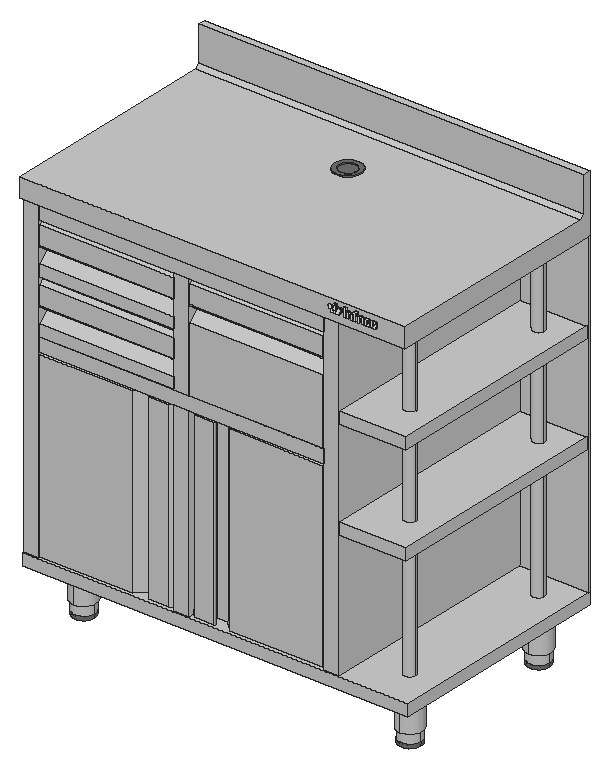
Revit family "QF_INFRICO_MCAF1000CI_250818091634", category Specialty Equipment, Revit 2021
Family settings
  Round Connector Dimension = Use Diameter
  Part Type = Normal
  OmniClass Number = 23.40.40.14
  OmniClass Title = Food Service Equipment
  Work Plane-Based = No
  Always vertical = Yes
  Cut with Voids When Loaded = No
  Shared = No
  Room Calculation Point = No
Parameters (values of type "MCAF1000CI")
  Weight [instance] = 59.00 kg
  Warranty Start Date [instance] = ""
  Warranty Duration [instance] = ""
  URL Recommended Spares List [instance] = ""
  URL Manufacturer [instance] = ""
  URL Cutsheet [instance] = ""
  URL Critical Spares List [instance] = ""
  URL = "www.infrico.com"
  Technical Documentation [instance] = ""
  Tag Number [instance] = ""
  Status [instance] = ""
  Specification by User [instance] = ""
  Specification by Manufacturer [instance] = ""
  Sound Level [instance] = ""
  Show Logo [instance] = yes
  Show Clearances [instance] = yes
  Service Life Duration [instance] = ""
  Serial Number [instance] = ""
  Seismic Rating [instance] = ""
  SMACNA No [instance] = ""
  Revision Code [instance] = ""
  Revision [instance] = ""
  Production Year [instance] = ""
  Point Load [instance] = 0
  Other Equipment Approvals [instance] = ""
  NAFEM Spec ID Number [instance] = ""
  Model Warning [instance] = ""
  Model = "MCAF1000CI"
  Masterspec [instance] = ""
  Manufacturer = "INFRICO"
  Length Actual [instance] = 1000 mm
  Item Number [instance] = ""
  Installed By [instance] = ""
  Installation Date [instance] = ""
  Identify Quantity as Lot [instance] = no
  ID [instance] = ""
  Hygiene Approval [instance] = ""
  Height Actual [instance] = 1050 mm
  Furnished By [instance] = ""
  Foodservice Equipment Identifier [instance] = no
  ETL Approved [instance] = no
  Description = "COFFEE UNIT - MCAF SERIES"
  Depth Actual [instance] = 600 mm
  Default Elevation = 0 mm
  Cost = 0
  CSI MasterFormat [instance] = ""
  CE Approved [instance] = no
  Barcode [instance] = 0
  Author [instance] = ""
  Asset Identifier [instance] = ""
  Accessory [instance] = no
Reference planes
  plane 1 "Center (Front/Back)": y = 0
  plane 2: z = 0
  plane 3 "Center (Left/Right)": x = 0
Dimensions and locks
  aligned and locked: level to plane 2
Nested families
  nested 1: "QF_INFRICO_MCAF1000CI_2920" at (0, 0, 0), type "MCAF1000CI"
    with Weight 59.00 kg, Warranty Start Date "", Warranty Duration "", URL Cutsheet "", Technical Documentation "", Tag Number "", Status "", Specification by User "", Specification by Manufacturer "", Sound Level "", Solid Fuel Type "", Show Logo yes, Show Clearances yes, Show Clearance yes, Service Life Duration "", Serial Number "", Seismic Rating "", SMACNA No "", Revision Code "", Revision "", Production Year "", Point Load 0, Other Equipment Approvals "", NAFEM Spec ID Number "", Model Warning "", Masterspec "", Length Actual 1000 mm, Item Number "", Installed By "", Installation Date "", Identify Quantity as Lot yes, ID "", Hygiene Approval "", Height Actual 1050 mm, Furnished By "", Foodservice Equipment Identifier yes, ETL Approved yes, Depth Actual 600 mm, CSI MasterFormat "", CE Approved no, Barcode "", Author "", Asset Identifier "", Accessory no
  nested 2: "QF_INFRICO_WORKTOP_MCAF_3963" at (0, 0, 990), type "ENC12CPMC10"
    with Weight 0.00 kg, Warranty Start Date "", Warranty Duration "", URL Cutsheet "", Technical Documentation "", Tag Number "", Status "", Specification by User "", Specification by Manufacturer "", Sound Level "", Solid Fuel Type "", Show Logo yes, Show Clearances yes, Show Clearance yes, Service Life Duration "", Serial Number "", Seismic Rating "", SMACNA No "", Revision Code "", Revision "", Production Year "", Point Load 0, Other Equipment Approvals "", NAFEM Spec ID Number "", Model Warning "", Masterspec "", Length Actual 1000 mm, Item Number "", Installed By "", Installation Date "", Identify Quantity as Lot yes, ID "", Hygiene Approval "", Height Actual 150 mm, Furnished By "", Foodservice Equipment Identifier yes, ETL Approved yes, Depth Actual 600 mm, CSI MasterFormat "", CE Approved no, Barcode "", Author "", Asset Identifier "", Accessory yes
Definition of nested family "QF_INFRICO_MCAF1000CI_2920"
  Parameters (values of type "MCAF1000CI")
    Weight [instance] = 0.00 kg
    Warranty Start Date [instance] = ""
    Warranty Duration [instance] = ""
    URL Cutsheet [instance] = ""
    URL = "www.infrico.com"
    Technical Documentation [instance] = ""
    Tag Number [instance] = ""
    Status [instance] = ""
    Specification by User [instance] = ""
    Specification by Manufacturer [instance] = ""
    Sound Level [instance] = ""
    Solid Fuel Type [instance] = ""
    Show Logo [instance] = yes
    Show Clearances [instance] = yes
    Show Clearance [instance] = yes
    Service Life Duration [instance] = ""
    Serial Number [instance] = ""
    Seismic Rating [instance] = ""
    SMACNA No [instance] = ""
    Revision Code [instance] = ""
    Revision [instance] = ""
    Production Year [instance] = ""
    Point Load [instance] = 0
    Other Equipment Approvals [instance] = ""
    NAFEM Spec ID Number [instance] = ""
    Model Warning [instance] = ""
    Model = "MCAF1000CI"
    Masterspec [instance] = ""
    Manufacturer = "INFRICO"
    Length Actual [instance] = 0 mm
    Item Number [instance] = ""
    Installed By [instance] = ""
    Installation Date [instance] = ""
    Identify Quantity as Lot [instance] = yes
    ID [instance] = ""
    Hygiene Approval [instance] = ""
    Height Actual [instance] = 0 mm
    Furnished By [instance] = ""
    Foodservice Equipment Identifier [instance] = yes
    ETL Approved [instance] = yes
    Description = "COFFEE UNIT - MCAF SERIES"
    Depth Actual [instance] = 0 mm
    Default Elevation = 0 mm
    CSI MasterFormat [instance] = ""
    CE Approved [instance] = yes
    Barcode [instance] = ""
    Author [instance] = ""
    Asset Identifier [instance] = ""
    Assembly Code = "E1090320"
    Accessory [instance] = yes
  Reference planes
    plane 1 "Back": y = 0
    plane 2: z = 0
    plane 3 "Left": x = 0
    plane 4 "Right": x = 1000
    plane 5 "Front": y = -600
    plane 6 "Top": z = 990
  Forms (mm)
    Extrusion 1, solid
      sketch origin (-2000, 0, 130) x (0, 1, 0) y (0, 0, 1)
        loop
          line (0, 0) -> (0, 30) -> (-590.42, 30) -> (-590.42, 0) -> (0, 0)
      from 2000 to 3000
    Extrusion 2, solid
      sketch origin (-1122.078, 406.333, 162.208) x (1, 0, 0) y (0, 1, 0)
        loop
          circle (2046.064, -477.342) r 15
      from -2.208 to 827.792
    Extrusion 3, solid
      sketch origin (-1122.078, -11.667, 162.208) x (1, 0, 0) y (0, 1, 0)
        loop
          circle (2046.064, -477.342) r 15
      from -2.208 to 827.792
    Extrusion 4, solid
      sketch origin (-1184.953, 0, 489.98) x (0, 1, 0) y (0, 0, 1)
        loop
          line (-1.18, 0) -> (-1.18, 30) -> (-590.42, 30) -> (-590.42, 0) -> (-1.18, 0)
      from 2004.977 to 2179.997
    Extrusion 5, solid
      sketch origin (-1184.953, 0, 747.98) x (0, 1, 0) y (0, 0, 1)
        loop
          line (-1.18, 0) -> (-1.18, 30) -> (-590.42, 30) -> (-590.42, 0) -> (-1.18, 0)
      from 2004.977 to 2179.997
    Extrusion 6, solid
      sketch origin (-4345.421, -1791.354, 306.976) x (0, 1, 0) y (0, 0, 1)
        loop
          line (1203.342, 629.226) -> (1203.342, 580.183)
          arc (1203.342, 580.183) -> (1205.032, 578.387) -> (1206.928, 579.964) r 1.8
          line (1206.928, 579.964) -> (1210.228, 606.836) -> (1214.91, 606.836) -> (1229.152, 592.594) -> (1229.152, 564.227) -> (1203.342, 538.417) -> (1203.342, 369.015) -> (1241.352, 369.015) -> (1241.352, 639.019) -> (1213.135, 639.019) -> (1203.342, 629.226)
      from 4776.423 to 5123.423
    Extrusion 7, solid
      sketch origin (-4733.821, -1791.354, 306.976) x (0, 1, 0) y (0, 0, 1)
        loop
          line (1203.342, 489.209) -> (1203.342, 440.167)
          arc (1203.342, 440.167) -> (1205.032, 438.37) -> (1206.928, 439.947) r 1.8
          line (1206.928, 439.947) -> (1210.228, 466.819) -> (1214.927, 466.819) -> (1229.152, 452.594) -> (1229.152, 424.21) -> (1203.342, 398.4) -> (1203.342, 369.015) -> (1241.352, 369.015) -> (1241.352, 499.019) -> (1213.152, 499.019) -> (1203.342, 489.209)
        loop
          line (1203.342, 629.226) -> (1203.342, 580.167)
          arc (1203.342, 580.167) -> (1205.032, 578.37) -> (1206.928, 579.947) r 1.8
          line (1206.928, 579.947) -> (1210.228, 606.819) -> (1214.927, 606.819) -> (1229.152, 592.594) -> (1229.152, 564.21) -> (1203.342, 538.4) -> (1203.342, 509.015) -> (1241.352, 509.015) -> (1241.352, 639.019) -> (1213.135, 639.019) -> (1203.342, 629.226)
      from 4775.843 to 5122.843
    Extrusion 8, solid
      sketch origin (-323.501, 0.1, 129.6) x (1, 0, 0) y (0, 1, 0)
        loop
          line (713.523, -550.102) -> (713.523, -588.112) -> (753.503, -588.112) -> (753.503, -550.102) -> (741.503, -550.102) -> (741.503, -576.302) -> (725.523, -576.302) -> (725.523, -550.102) -> (713.523, -550.102)
      from 545.391 to 817.395
    Extrusion 9, solid
      sketch origin (-323.501, 0.1, 129.6) x (1, 0, 0) y (0, 0, 1)
        loop
          line (363.501, 545.391) -> (363.501, 510.391) -> (1103.525, 510.391) -> (1103.525, 545.391) -> (363.501, 545.391)
      from 550.102 to 588.112
    Extrusion 10, solid
      sketch origin (-323.501, 0.1, 436.604) x (1, 0, 0) y (0, 0, 1)
        loop
          line (363.501, 550.391) -> (363.501, 510.391) -> (1103.525, 510.391) -> (1103.525, 550.391) -> (363.501, 550.391)
      from 550.102 to 588.112
    Extrusion 11, solid
      sketch origin (0, 0, 130) x (0, 1, 0) y (0, 0, 1)
        loop
          line (-588.012, 30) -> (0, 30) -> (0, 860) -> (-588.012, 860) -> (-588.012, 30)
      from 0 to 40
    Extrusion 12, solid
      sketch origin (780.024, 0, 130) x (0, 1, 0) y (0, 0, 1)
        loop
          line (-588.012, 30) -> (0, 30) -> (0, 860) -> (-588.012, 860) -> (-588.012, 30)
      from 0 to 40
    Extrusion 13, solid
      sketch origin (40.024, 0, 130) x (0, 1, 0) y (0, 0, 1)
        loop
          line (0, 30) -> (0, 130) -> (-2, 130) -> (-2, 30) -> (0, 30)
      from -0.024 to 740
    Extrusion 14, solid
      sketch origin (820.498, 0, 130) x (0, 1, 0) y (0, 0, 1)
        loop
          line (0, 30) -> (0, 860) -> (-2, 860) -> (-2, 30) -> (0, 30)
      from -0.474 to 179.502
    Extrusion 15, solid
      sketch origin (-324.001, 0, 129.6) x (0, 1, 0) y (0, 0, 1)
        loop
          line (-2, 545.391) -> (0, 545.391) -> (0, 860.4) -> (-2, 860.4) -> (-2, 545.391)
      from 364.001 to 1104.025
    Extrusion 16, solid
      sketch origin (683.986, 92, 130) x (0, 1, 0) y (-1, 0, 0)
        loop
          line (-530, -194.986) -> (-630, -194.986) -> (-630, -284.986) -> (-530, -284.986) -> (-530, -194.986)
      from 0 to -3
    Extrusion 17, solid
      sketch origin (683.986, 92, 0) x (1, 0, 0) y (0, 1, 0)
        loop
          circle (239.986, -580) r 28
      from 9 to 35
    Extrusion 18, solid
      sketch origin (683.986, 92, 0) x (1, 0, 0) y (0, 1, 0)
        loop
          circle (239.986, -580) r 28.5
      from 0 to 9
    Sweep 19, solid
      path origin (1123.986, 92, 0) x (0, -1, 0) y (0, 0, 1)
        loop
          line (580, 35) -> (580, 127)
      profile origin (1123.986, -488, 81) x (0, 1, 0) y (-1, 0, 0)
        loop
          circle (0, 199.986) r 32
    Extrusion 20, solid
      sketch origin (683.986, 510, 130) x (0, 1, 0) y (-1, 0, 0)
        loop
          line (-530, -194.986) -> (-630, -194.986) -> (-630, -284.986) -> (-530, -284.986) -> (-530, -194.986)
      from 0 to -3
    Extrusion 21, solid
      sketch origin (683.986, 510, 0) x (1, 0, 0) y (0, 1, 0)
        loop
          circle (239.986, -580) r 28
      from 9 to 35
    Extrusion 22, solid
      sketch origin (683.986, 510, 0) x (1, 0, 0) y (0, 1, 0)
        loop
          circle (239.986, -580) r 28.5
      from 0 to 9
    Sweep 23, solid
      path origin (1123.986, 10, 0) x (0, -1, 0) y (0, 0, 1)
        loop
          line (80, 35) -> (80, 127)
      profile origin (1123.986, -70, 81) x (0, 1, 0) y (-1, 0, 0)
        loop
          circle (0, 199.986) r 32
    Extrusion 24, solid
      sketch origin (-123.986, 92, 130) x (0, 1, 0) y (-1, 0, 0)
        loop
          line (-530, -154.986) -> (-630, -154.986) -> (-630, -244.986) -> (-530, -244.986) -> (-530, -154.986)
      from 0 to -3
    Extrusion 25, solid
      sketch origin (-123.986, 92, 0) x (1, 0, 0) y (0, 1, 0)
        loop
          circle (199.986, -580) r 28
      from 9 to 35
    Extrusion 26, solid
      sketch origin (-123.986, 92, 0) x (1, 0, 0) y (0, 1, 0)
        loop
          circle (199.986, -580) r 28.5
      from 0 to 9
    Sweep 27, solid
      path origin (-123.986, 92, 0) x (0, 1, 0) y (0, 0, 1)
        loop
          line (-580, 35) -> (-580, 127)
      profile origin (-123.986, -488, 81) x (0, -1, 0) y (1, 0, 0)
        loop
          circle (0, 199.986) r 32
    Extrusion 28, solid
      sketch origin (-123.986, 510, 130) x (0, 1, 0) y (-1, 0, 0)
        loop
          line (-530, -154.986) -> (-630, -154.986) -> (-630, -244.986) -> (-530, -244.986) -> (-530, -154.986)
      from 0 to -3
    Extrusion 29, solid
      sketch origin (-123.986, 510, 0) x (1, 0, 0) y (0, 1, 0)
        loop
          circle (199.986, -580) r 28
      from 9 to 35
    Extrusion 30, solid
      sketch origin (-123.986, 510, 0) x (1, 0, 0) y (0, 1, 0)
        loop
          circle (199.986, -580) r 28.5
      from 0 to 9
    Sweep 31, solid
      path origin (-123.986, 510, 0) x (0, 1, 0) y (0, 0, 1)
        loop
          line (-580, 35) -> (-580, 127)
      profile origin (-123.986, -70, 81) x (0, -1, 0) y (1, 0, 0)
        loop
          circle (0, 199.986) r 32
    Extrusion 32, solid
      sketch origin (-323.501, 0.1, -177.004) x (1, 0, 0) y (0, 1, 0)
        loop
          line (713.523, -550.102) -> (713.523, -588.112) -> (753.503, -588.112) -> (753.503, -550.102) -> (741.503, -550.102) -> (741.503, -576.302) -> (725.523, -576.302) -> (725.523, -550.102) -> (713.523, -550.102)
      from 337.004 to 816.995
    Extrusion 33, solid
      sketch origin (-2324.001, -1999.892, 129.3) x (1, 0, 0) y (0, 1, 0)
        loop
          line (2649.583, 1411.88) -> (2700.005, 1411.88) -> (2710.015, 1421.89) -> (2710.015, 1449.89) -> (2367.015, 1449.89) -> (2367.015, 1411.88) -> (2608.712, 1411.88) -> (2634.927, 1438.094) -> (2663.311, 1438.094) -> (2677.536, 1423.869) -> (2677.536, 1419.171) -> (2649.117, 1415.681)
          arc (2649.117, 1415.681) -> (2647.668, 1413.574) -> (2649.583, 1411.88) r 1.929
      from 35.663 to 505.683
    Extrusion 34, solid
      sketch origin (3144.025, -1999.892, 129.3) x (-1, 0, 0) y (0, -1, 0)
        loop
          arc (2649.583, -1411.88) -> (2647.668, -1413.574) -> (2649.117, -1415.681) r 1.929
          line (2649.117, -1415.681) -> (2677.536, -1419.171) -> (2677.536, -1423.869) -> (2663.311, -1438.094) -> (2634.927, -1438.094) -> (2608.712, -1411.88) -> (2367.015, -1411.88) -> (2367.015, -1449.89) -> (2710.015, -1449.89) -> (2710.015, -1421.89) -> (2700.005, -1411.88) -> (2649.583, -1411.88)
      from 35.663 to 505.683
    Extrusion 35, solid, detail levels coarse
      sketch origin (-324.001, 0.1, -0.7) x (1, 0, 0) y (0, 1, 0)
        loop
          line (367.015, -588.112) -> (367.015, -893.112) -> (405.015, -893.112)
          arc (405.015, -893.112) -> (620.683, -803.78) -> (710.015, -588.112) r 305
          line (710.015, -588.112) -> (367.015, -588.112)
      from 165.663 to 635.683
    Extrusion 36, solid, detail levels coarse
      sketch origin (1144.025, 0.1, -0.7) x (-1, 0, 0) y (0, -1, 0)
        loop
          line (367.015, 588.112) -> (710.015, 588.112)
          arc (710.015, 588.112) -> (620.683, 803.78) -> (405.015, 893.112) r 305
          line (405.015, 893.112) -> (367.015, 893.112) -> (367.015, 588.112)
      from 165.663 to 635.683
  Lines and regions (mm)
    symbolic lines
      curve 1: line (0, 0, 0) -> (0, -600, 0)
      curve 2: line (0, -600, 0) -> (1000, -600, 0)
      curve 3: line (1000, -600, 0) -> (1000, 0, 0)
      curve 4: line (1000, 0, 0) -> (0, 0, 0)
      curve 5: line (43.014, -600, 0) -> (43.014, -893.012, 0)
      curve 6: arc (81.014, -893.012, 0) -> (292.401, -807.877, 0) -> (385.779, -600, 0) r 305
      curve 7: line (43.014, -893.012, 0) -> (81.014, -893.012, 0)
      curve 8: line (739.01, -893.012, 0) -> (777.01, -893.012, 0)
      curve 9: arc (434.245, -600, 0) -> (527.623, -807.877, 0) -> (739.01, -893.012, 0) r 305
      curve 10: line (777.01, -893.012, 0) -> (777.01, -600, 0)
  Dimensions and locks
    plane 3 "Left" to plane 4 "Right" = 1000 mm
    plane 1 "Back" to plane 5 "Front" = 600 mm  (x2)
    plane 4 "Right" to plane 3 "Left" = 1000 mm
    plane 6 "Top" to level = 990 mm  (x2)
    aligned and locked: level to plane 2
Definition of nested family "QF_INFRICO_WORKTOP_MCAF_3963"
  Parameters (values of type "ENC12CPMC25")
    Weight [instance] = 0.00 kg
    Warranty Start Date [instance] = ""
    Warranty Duration [instance] = ""
    URL Cutsheet [instance] = ""
    URL = "www.infrico.com"
    Technical Documentation [instance] = ""
    Tag Number [instance] = ""
    Status [instance] = ""
    Specification by User [instance] = ""
    Specification by Manufacturer [instance] = ""
    Sound Level [instance] = ""
    Solid Fuel Type [instance] = ""
    Show Logo [instance] = yes
    Show Clearances [instance] = yes
    Show Clearance [instance] = yes
    Service Life Duration [instance] = ""
    Serial Number [instance] = ""
    Seismic Rating [instance] = ""
    SMACNA No [instance] = ""
    Revision Code [instance] = ""
    Revision [instance] = ""
    Production Year [instance] = ""
    Point Load [instance] = 0
    Other Equipment Approvals [instance] = ""
    NAFEM Spec ID Number [instance] = ""
    Model Warning [instance] = ""
    Model = "ENC12CPMC25"
    Masterspec [instance] = ""
    Manufacturer = "INFRICO"
    Length Actual [instance] = 0 mm
    Length = 2452 mm
    Item Number [instance] = ""
    Installed By [instance] = ""
    Installation Date [instance] = ""
    Identify Quantity as Lot [instance] = yes
    ID [instance] = ""
    Hygiene Approval [instance] = ""
    Height Actual [instance] = 0 mm
    Furnished By [instance] = ""
    Foodservice Equipment Identifier [instance] = yes
    ETL Approved [instance] = yes
    Description = "WORKTOP WITH BACKSPLASH"
    Depth Actual [instance] = 0 mm
    Depth = 600 mm
    Default Elevation = 0 mm
    CSI MasterFormat [instance] = ""
    CE Approved [instance] = yes
    Barcode [instance] = ""
    Author [instance] = ""
    Asset Identifier [instance] = ""
    Assembly Code = "E1090320"
    Accessory [instance] = yes
  Types (5, lengths in mm): name | Model | Length
    ENC12CPMC8 | "ENC12CPMC8" | 820
    ENC12CPMC10 | "ENC12CPMC10" | 1000
    ENC12CPMC15 | "ENC12CPMC15" | 1468
    ENC12CPMC20 | "ENC12CPMC20" | 1960
    ENC12CPMC25 | "ENC12CPMC25" | 2452
  Reference planes
    plane 1 "Back": y = 0
    plane 2: z = 0
    plane 3 "Left": x = 0
    plane 4 "Right": x = 2452
    plane 5 "Front": y = -600
    plane 6 "Top": z = 150
    plane 7 "Center": x = 1226
    plane 8: z = 50
  Forms (mm)
    Extrusion 1, solid
      sketch origin (0, 0, 0) x (0, 1, 0) y (0, 0, 1)
        loop
          line (0, 0) -> (0, 150) -> (-20, 150) -> (-20, 60) -> (-30, 50) -> (-600, 50) -> (-600, 0) -> (0, 0)
      from 0 to 2452
    Extrusion 2, solid
      sketch origin (0, 0, 50) x (1, 0, 0) y (0, 1, 0)
        loop
          circle (1226, -160) r 34
        loop
          circle (1226, -160) r 23
      from 0 to 2
    Extrusion 3, solid
      sketch origin (0, 0, 48.5) x (1, 0, 0) y (0, 1, 0)
        loop
          circle (1226, -160) r 23
      from 0 to 2
  Lines and regions (mm)
    symbolic lines
      curve 1: line (2452, 0, 0) -> (0, 0, 0)
      curve 2: line (0, 0, 0) -> (0, -600, 0)
      curve 3: line (0, -600, 0) -> (2452, -600, 0)
      curve 4: line (2452, -600, 0) -> (2452, 0, 0)
      curve 5: line (0, -20, 0) -> (2452, -20, 0)
      curve 6: circle (1226, -160, 0) r 34 normal (0, 0, 1)
      curve 7: circle (1226, -160, 0) r 23 normal (0, 0, -1)
  Dimensions and locks
    plane 6 "Top" to level = 150 mm
    plane 1 "Back" to plane 5 "Front" = 600 mm
    equal spacing: plane 3 "Left", plane 7 "Center", plane 4 "Right"
    "Length": plane 3 "Left" to plane 4 "Right"
    "Depth": plane 5 "Front" to plane 1 "Back"
    locked: plane 8 to plane 2 at 50
    locked: nested 1 to plane 4 "Right" at 143.718
    aligned and locked: level to plane 2
    aligned and locked: Extrusion 1 to plane 4 "Right"
    aligned and locked: nested 1 to plane 2
    aligned and locked: nested 1 to plane 5 "Front"
  Automatic sketch dimensions
    curve 6 to curve 7 = 0 mm  (x2)
    plane 1 "Back" to curve 1 = 0 mm
    curve 1 to plane 3 "Left" = 0 mm
    curve 6 to plane 7 "Center" = 0 mm
    curve 4 to plane 4 "Right" = 0 mm
    curve 3 to plane 5 "Front" = 0 mm
    plane 1 "Back" to curve 7 = 160 mm
    plane 1 "Back" to curve 5 = 20 mm
    Extrusion 1 sketch curve to level = 0 mm
    Extrusion 1 sketch curve to plane 5 "Front" = 0 mm
    Extrusion 1 sketch curve to plane 6 "Top" = 0 mm
    Extrusion 1 sketch curve to plane 1 "Back" = 0 mm
    plane 1 "Back" to Extrusion 1 sketch curve = 30 mm
    Extrusion 1 sketch curve to Extrusion 1 sketch curve = 10 mm  (x2)
    level to Extrusion 1 sketch curve = 50 mm
    Extrusion 2 sketch curve to Extrusion 2 sketch curve = 0 mm  (x2)
    Extrusion 2 sketch curve to plane 7 "Center" = 0 mm
    plane 1 "Back" to Extrusion 2 sketch curve = 160 mm
    Extrusion 3 sketch curve to plane 7 "Center" = 0 mm
    plane 1 "Back" to Extrusion 3 sketch curve = 160 mm
    radius of curve 6 = 34 mm
    radius of curve 7 = 23 mm
    radius of Extrusion 2 sketch curve = 34 mm
    radius of Extrusion 2 sketch curve = 23 mm
    radius of Extrusion 3 sketch curve = 23 mm
  Nested families
    nested 1: "Infrico_Logo" at (2308.282, -600, 0), type "Infrico_Logo"
      with Show Logo yes
  Definition of nested family "Infrico_Logo"
    Parameters
      Show Logo [instance] = yes
      Default Elevation = 0 mm
    Reference planes
      plane 1 "Center (Front/Back)": y = 0
      plane 2: z = 0
      plane 3 "Center (Left/Right)": x = 0
    Forms (mm)
      Extrusion 1, solid, visible <- "Show Logo"
        sketch origin (0, 0, 0) x (1, 0, 0) y (0, 0, 1)
          loop
            line (-7.673, 19.987) -> (-7.673, 42.661) -> (-12.299, 42.661) -> (-12.299, 19.987) -> (-7.673, 19.987)
          loop
            line (-1.693, 36.463) -> (-5.189, 36.463) -> (-5.189, 19.987) -> (-0.7, 19.987) -> (-0.7, 31.289)
            arc (-0.7, 31.289) -> (1.056, 32.199) -> (2.945, 32.781) r 11.052
            arc (2.945, 32.781) -> (4.457, 32.418) -> (5.126, 31.015) r 1.806
            line (5.126, 31.015) -> (5.126, 19.987) -> (9.649, 19.987) -> (9.649, 32.146)
            arc (9.649, 32.146) -> (8.165, 35.533) -> (4.669, 36.738) r 4.607
            arc (4.669, 36.738) -> (1.81, 36.131) -> (-0.803, 34.819) r 11.435
            line (-0.803, 34.819) -> (-0.871, 35.641)
            arc (-0.871, 35.641) -> (-1.112, 36.223) -> (-1.693, 36.463) r 0.822
          loop
            line (22.085, 43.56) -> (20.834, 43.56)
            arc (20.834, 43.56) -> (18.58, 43.383) -> (16.409, 42.754) r 11.103
            arc (16.409, 42.754) -> (14.333, 41.074) -> (13.552, 38.519) r 4.567
            line (13.552, 38.519) -> (13.552, 36.366) -> (10.879, 36.16) -> (10.879, 32.831) -> (13.552, 32.831) -> (13.552, 19.987) -> (18.076, 19.987) -> (18.076, 32.831) -> (21.777, 32.831) -> (21.777, 36.395) -> (18.076, 36.395) -> (18.076, 38.005)
            arc (18.076, 38.005) -> (18.484, 39.163) -> (19.573, 39.728) r 1.67
            line (19.573, 39.728) -> (21.228, 39.856)
            arc (21.228, 39.856) -> (21.834, 40.107) -> (22.085, 40.713) r 0.857
            line (22.085, 40.713) -> (22.085, 43.56)
          loop
            line (23.007, 36.463) -> (23.007, 19.987) -> (27.496, 19.987) -> (27.496, 30.809)
            arc (27.496, 30.809) -> (29.401, 32.088) -> (31.605, 32.725) r 7.435
            line (31.605, 32.725) -> (32.769, 32.873)
            arc (32.769, 32.873) -> (33.171, 33.216) -> (33.321, 33.722) r 0.928
            line (33.321, 33.722) -> (33.321, 35.915)
            arc (33.321, 35.915) -> (33.059, 36.518) -> (32.44, 36.737) r 0.824
            arc (32.44, 36.737) -> (29.725, 36.045) -> (27.427, 34.442) r 7.833
            line (27.427, 34.442) -> (27.254, 36.463) -> (23.007, 36.463)
          loop
            line (39.023, 19.987) -> (39.023, 36.463) -> (34.534, 36.463) -> (34.534, 19.987) -> (39.023, 19.987)
          loop
            arc (40.949, 24.784) -> (42.095, 21.645) -> (44.994, 19.982) r 4.873
            arc (44.994, 19.982) -> (48.021, 19.723) -> (51.049, 19.982) r 17.816
            arc (51.049, 19.982) -> (54.103, 22.591) -> (55.033, 26.498) r 6.481
            line (55.033, 26.498) -> (50.715, 26.498) -> (50.715, 25.127)
            arc (50.715, 25.127) -> (50.168, 23.91) -> (48.97, 23.322) r 1.965
            arc (48.97, 23.322) -> (48.076, 23.273) -> (47.181, 23.322) r 8.196
            arc (47.181, 23.322) -> (45.945, 23.873) -> (45.438, 25.127) r 1.806
            line (45.438, 25.127) -> (45.438, 31.358)
            arc (45.438, 31.358) -> (45.945, 32.612) -> (47.181, 33.163) r 1.806
            arc (47.181, 33.163) -> (48.076, 33.212) -> (48.97, 33.163) r 8.196
            arc (48.97, 33.163) -> (50.168, 32.575) -> (50.715, 31.358) r 1.965
            line (50.715, 31.358) -> (50.715, 30.295) -> (55.033, 30.295)
            arc (55.033, 30.295) -> (54.052, 34.014) -> (51.049, 36.416) r 6.132
            arc (51.049, 36.416) -> (48.021, 36.751) -> (44.994, 36.416) r 13.851
            arc (44.994, 36.416) -> (42.099, 34.807) -> (40.949, 31.7) r 4.772
            line (40.949, 31.7) -> (40.949, 24.784)
          loop
            arc (56.444, 24.787) -> (57.521, 21.802) -> (60.254, 20.191) r 4.676
            arc (60.254, 20.191) -> (62.043, 19.913) -> (63.846, 19.748) r 28.371
            arc (63.846, 19.748) -> (65.65, 19.913) -> (67.439, 20.191) r 28.371
            arc (67.439, 20.191) -> (70.172, 21.802) -> (71.248, 24.787) r 4.676
            line (71.248, 24.787) -> (71.248, 31.699)
            arc (71.248, 31.699) -> (70.172, 34.684) -> (67.439, 36.295) r 4.676
            arc (67.439, 36.295) -> (65.65, 36.573) -> (63.846, 36.738) r 28.371
            arc (63.846, 36.738) -> (62.043, 36.573) -> (60.254, 36.295) r 28.371
            arc (60.254, 36.295) -> (57.521, 34.684) -> (56.444, 31.699) r 4.676
            line (56.444, 31.699) -> (56.444, 24.787)
          loop
            line (60.933, 31.323) -> (60.933, 25.162)
            arc (60.933, 25.162) -> (61.372, 24.014) -> (62.464, 23.449) r 1.725
            arc (62.464, 23.449) -> (63.155, 23.376) -> (63.846, 23.313) r 46.133
            arc (63.846, 23.313) -> (64.538, 23.376) -> (65.229, 23.449) r 46.133
            arc (65.229, 23.449) -> (66.321, 24.014) -> (66.759, 25.162) r 1.725
            line (66.759, 25.162) -> (66.759, 31.323)
            arc (66.759, 31.323) -> (66.321, 32.472) -> (65.229, 33.037) r 1.725
            arc (65.229, 33.037) -> (64.538, 33.11) -> (63.846, 33.173) r 46.133
            arc (63.846, 33.173) -> (63.155, 33.11) -> (62.464, 33.037) r 46.133
            arc (62.464, 33.037) -> (61.372, 32.472) -> (60.933, 31.323) r 1.725
          loop
            arc (-26.133, 20) -> (-25.061, 20.444) -> (-24.616, 21.516) r 1.516
            line (-24.616, 21.516) -> (-24.616, 27.349) -> (-20.437, 27.349)
            arc (-20.437, 27.349) -> (-19.682, 27.578) -> (-19.254, 28.24) r 1.147
            line (-19.254, 28.24) -> (-19.254, 29.669)
            arc (-19.254, 29.669) -> (-19.685, 30.716) -> (-20.753, 31.091) r 1.385
            line (-20.753, 31.091) -> (-21.952, 31.091) -> (-19.254, 33.789)
            arc (-19.254, 33.789) -> (-18.867, 34.723) -> (-19.254, 35.657) r 1.321
            line (-19.254, 35.657) -> (-19.977, 36.38)
            arc (-19.977, 36.38) -> (-20.932, 36.796) -> (-21.914, 36.449) r 1.422
            line (-21.914, 36.449) -> (-24.619, 33.744) -> (-24.619, 34.937)
            arc (-24.619, 34.937) -> (-25.029, 35.973) -> (-26.037, 36.449) r 1.516
            line (-26.037, 36.449) -> (-26.958, 36.449)
            arc (-26.958, 36.449) -> (-27.961, 35.971) -> (-28.369, 34.937) r 1.516
            line (-28.369, 34.937) -> (-28.369, 30.287) -> (-34.399, 24.793) -> (-34.399, 30.966) -> (-30.833, 34.532)
            arc (-30.833, 34.532) -> (-30.419, 35.53) -> (-30.833, 36.529) r 1.412
            line (-30.833, 36.529) -> (-31.485, 37.181)
            arc (-31.485, 37.181) -> (-32.533, 37.598) -> (-33.557, 37.124) r 1.428
            line (-33.557, 37.124) -> (-34.399, 36.283) -> (-34.399, 41.241)
            arc (-34.399, 41.241) -> (-34.814, 42.244) -> (-35.817, 42.66) r 1.418
            line (-35.817, 42.66) -> (-36.746, 42.66)
            arc (-36.746, 42.66) -> (-37.749, 42.244) -> (-38.164, 41.241) r 1.418
            line (-38.164, 41.241) -> (-38.164, 36.283) -> (-39.006, 37.124)
            arc (-39.006, 37.124) -> (-40.03, 37.598) -> (-41.078, 37.181) r 1.428
            line (-41.078, 37.181) -> (-41.73, 36.529)
            arc (-41.73, 36.529) -> (-42.144, 35.53) -> (-41.73, 34.532) r 1.412
            line (-41.73, 34.532) -> (-38.164, 30.966) -> (-38.164, 24.793) -> (-44.194, 30.287) -> (-44.194, 34.937)
            arc (-44.194, 34.937) -> (-44.602, 35.971) -> (-45.605, 36.449) r 1.516
            line (-45.605, 36.449) -> (-46.526, 36.449)
            arc (-46.526, 36.449) -> (-47.534, 35.973) -> (-47.944, 34.937) r 1.516
            line (-47.944, 34.937) -> (-47.944, 33.744) -> (-50.649, 36.449)
            arc (-50.649, 36.449) -> (-51.631, 36.796) -> (-52.586, 36.38) r 1.422
            line (-52.586, 36.38) -> (-53.309, 35.657)
            arc (-53.309, 35.657) -> (-53.696, 34.723) -> (-53.309, 33.789) r 1.321
            line (-53.309, 33.789) -> (-50.611, 31.091) -> (-51.81, 31.091)
            arc (-51.81, 31.091) -> (-52.878, 30.716) -> (-53.309, 29.669) r 1.385
            line (-53.309, 29.669) -> (-53.309, 28.24)
            arc (-53.309, 28.24) -> (-52.881, 27.578) -> (-52.126, 27.349) r 1.147
            line (-52.126, 27.349) -> (-47.947, 27.349) -> (-47.947, 21.516)
            arc (-47.947, 21.516) -> (-47.502, 20.444) -> (-46.43, 20) r 1.516
            line (-46.43, 20) -> (-26.133, 20)
        from 0 to 2
    Dimensions and locks
      aligned and locked: level to plane 2
